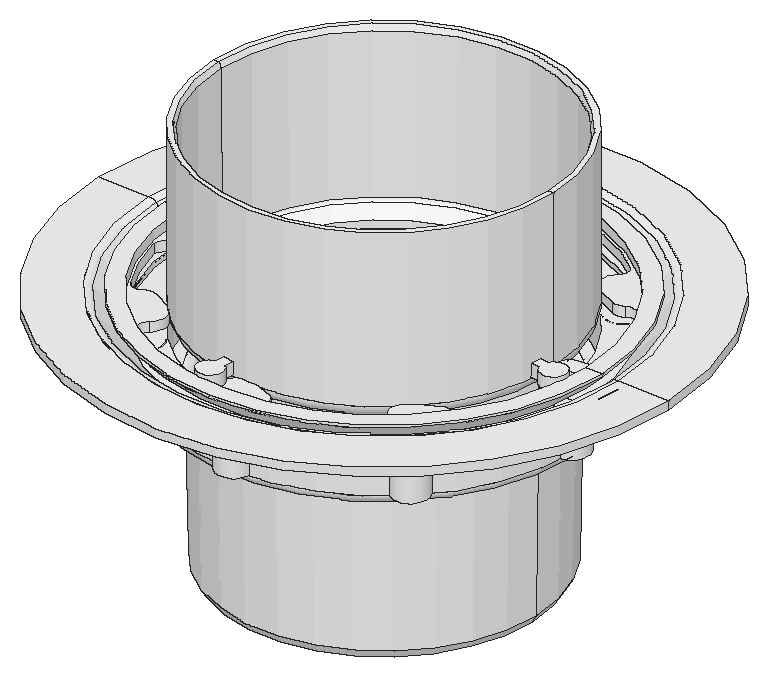
Revit family "3000.121 Down Pipe Junction", category Plumbing Fixtures, Revit 2016
Family settings
  Part Type = Normal
  Round Connector Dimension = Use Diameter
  OmniClass Number = 23.13.41.39
  OmniClass Title = Roof Drains
  Work Plane-Based = No
  Always vertical = Yes
  Cut with Voids When Loaded = No
  Shared = No
  Room Calculation Point = No
Parameters (values of type "150x150")
  Waste Connection = yes
  Vent Connection = no
  URL = "www.aquaknight.co.nz"
  Phone = "+6498322214"  # constant formula
  Model = "3000.121"
  Manufacturer = "Aquanight Industries Ltd"  # constant formula
  HW Connection = no
  Email = "info@aquaknight.co.nz"  # constant formula
  Description = "DownPipe Junction 150xDWV150 vented"
  Connector Diameter = 150 mm
  CW Connection = no
Reference planes
  plane 1 "Center (Front/Back)": y = 0
  plane 2: z = 0
  plane 3 "Center (Left/Right)": x = 0
  plane 4: z = -77.343
Forms (mm)
  Revolve 1, solid, material "Plastic, Glossy White"
    sketch origin (0, 0, -4) x (1, 0, 0) y (0, 0, 1)
      loop
        line (111.835, 2.536) -> (99.3, -10) -> (99.3, -12.5) -> (83.851, -12.5) -> (83.851, -34.343) -> (77.936, -34.343)
        arc (77.936, -34.343) -> (74.431, -35.777) -> (72.936, -39.257) r 5
        line (72.936, -39.257) -> (71.6, -116.8) -> (73.1, -116.8) -> (75.1, -113.336) -> (76.35, -40.8)
        arc (76.35, -40.8) -> (77.097, -39.06) -> (78.85, -38.343) r 2.5
        line (78.85, -38.343) -> (89.925, -38.343)
        arc (89.925, -38.343) -> (92.753, -37.171) -> (93.925, -34.343) r 4
        line (93.925, -34.343) -> (93.925, -22.162)
        arc (93.925, -22.162) -> (94.705, -20.28) -> (96.587, -19.5) r 2.662
        line (96.587, -19.5) -> (99.305, -19.5)
        arc (99.305, -19.5) -> (102.13, -18.327) -> (103.3, -15.5) r 4
        line (103.3, -15.5) -> (103.3, -11.657) -> (114.664, -0.293)
        arc (114.664, -0.293) -> (114.988, -0.076) -> (115.371, 0) r 1
        line (115.371, 0) -> (140, 0) -> (140, 4) -> (115.371, 4)
        arc (115.371, 4) -> (113.458, 3.619) -> (111.835, 2.536) r 5
      axis (0, 4) -> (0, -116.8)
    angle from 0 to 360
  Extrusion 2, solid, material "Plastic, Glossy White", detail levels fine
    sketch origin (0, 0, -4) x (1, 0, 0) y (0, 1, 0)
      loop
        circle (92.211, 0) r 8.2
      loop
        circle (-92.211, 0) r 8.2
      loop
        circle (0, 92.211) r 8.2
      loop
        circle (0, -92.211) r 8.2
      loop
        circle (65.203, 65.203) r 8.2
      loop
        circle (-65.203, -65.203) r 8.2
      loop
        circle (-65.203, 65.203) r 8.2
      loop
        circle (65.203, -65.203) r 8.2
    from -34.343 to -12.5
  Revolve 3, solid, material "Plastic, Glossy White"
    sketch origin (0, 0, 0) x (1, 0, 0) y (0, 0, 1)
      loop
        line (83.439, 71.459) -> (80.958, 71.459) -> (79.954, 68.699) -> (79.637, -3.961)
        arc (79.637, -3.961) -> (79.369, -4.948) -> (78.644, -5.671) r 1.985
        line (78.644, -5.671) -> (71.45, -9.825) -> (71.45, -13.298) -> (79.79, -10.262)
        arc (79.79, -10.262) -> (82.436, -8.232) -> (83.439, -5.051) r 5.546
        line (83.439, -5.051) -> (83.439, 71.459)
      axis (0, -13.298) -> (0, 71.459)
    angle from 0 to 360
  Extrusion 4, void
    sketch origin (0, 0, 0) x (0, 1, 0) y (-1, 0, 0)
      loop
        arc (58.627, -58.366) -> (64.778, -55.847) -> (70.735, -58.794) r 8.077
        arc (70.735, -58.794) -> (74.089, -60.564) -> (77.701, -59.407) r 4.895
        arc (77.701, -59.407) -> (88.49, -41.903) -> (95.311, -22.505) r 96.157
        arc (95.311, -22.505) -> (94.57, -18.597) -> (91.17, -16.53) r 4.895
        arc (91.17, -16.53) -> (88.463, -15.369) -> (86.771, -12.958) r 5.384
        line (86.771, -12.958) -> (83.174, -2.635)
        arc (83.174, -2.635) -> (82.823, -1.236) -> (82.727, 0.203) r 8.077
        arc (82.727, 0.203) -> (85.293, 6.333) -> (91.589, 8.463) r 8.077
        arc (91.589, 8.463) -> (95.675, 10.027) -> (96.879, 14.232) r 4.895
        arc (96.879, 14.232) -> (90.22, 38.064) -> (77.701, 59.407) r 96.157
        arc (77.701, 59.407) -> (74.089, 60.564) -> (70.735, 58.794) r 4.895
        arc (70.735, 58.794) -> (64.778, 55.847) -> (58.627, 58.366) r 8.077
        arc (58.627, 58.366) -> (57.677, 59.451) -> (56.936, 60.689) r 8.077
        line (56.936, 60.689) -> (52.178, 70.53)
        arc (52.178, 70.53) -> (51.669, 73.431) -> (52.762, 76.167) r 5.384
        arc (52.762, 76.167) -> (53.704, 80.032) -> (51.463, 83.32) r 4.895
        arc (51.463, 83.32) -> (32.934, 92.26) -> (12.9, 96.942) r 93.735
        arc (12.9, 96.942) -> (9.566, 95.19) -> (8.463, 91.589) r 4.895
        arc (8.463, 91.589) -> (6.333, 85.293) -> (0.203, 82.727) r 8.077
        arc (0.203, 82.727) -> (-1.236, 82.823) -> (-2.635, 83.174) r 8.077
        line (-2.635, 83.174) -> (-12.958, 86.771)
        arc (-12.958, 86.771) -> (-15.369, 88.463) -> (-16.53, 91.17) r 5.384
        arc (-16.53, 91.17) -> (-18.345, 94.383) -> (-21.888, 95.415) r 4.895
        arc (-21.888, 95.415) -> (-37.195, 90.637) -> (-51.463, 83.32) r 93.735
        arc (-51.463, 83.32) -> (-53.704, 80.032) -> (-52.762, 76.167) r 4.895
        arc (-52.762, 76.167) -> (-51.669, 73.431) -> (-52.178, 70.53) r 5.384
        line (-52.178, 70.53) -> (-56.936, 60.689)
        arc (-56.936, 60.689) -> (-57.677, 59.451) -> (-58.627, 58.366) r 8.077
        arc (-58.627, 58.366) -> (-64.778, 55.847) -> (-70.735, 58.794) r 8.077
        arc (-70.735, 58.794) -> (-74.089, 60.564) -> (-77.701, 59.407) r 4.895
        arc (-77.701, 59.407) -> (-90.303, 37.869) -> (-96.938, 13.814) r 96.157
        arc (-96.938, 13.814) -> (-95.528, 9.874) -> (-91.589, 8.463) r 4.895
        arc (-91.589, 8.463) -> (-85.293, 6.333) -> (-82.727, 0.203) r 8.077
        arc (-82.727, 0.203) -> (-82.823, -1.236) -> (-83.174, -2.635) r 8.077
        line (-83.174, -2.635) -> (-86.771, -12.958)
        arc (-86.771, -12.958) -> (-88.463, -15.369) -> (-91.17, -16.53) r 5.384
        arc (-91.17, -16.53) -> (-94.57, -18.597) -> (-95.311, -22.505) r 4.895
        arc (-95.311, -22.505) -> (-88.49, -41.903) -> (-77.701, -59.407) r 96.157
        arc (-77.701, -59.407) -> (-74.089, -60.564) -> (-70.735, -58.794) r 4.895
        arc (-70.735, -58.794) -> (-64.778, -55.847) -> (-58.627, -58.366) r 8.077
        arc (-58.627, -58.366) -> (-57.677, -59.451) -> (-56.936, -60.689) r 8.077
        line (-56.936, -60.689) -> (-52.178, -70.53)
        arc (-52.178, -70.53) -> (-51.669, -73.431) -> (-52.762, -76.167) r 5.384
        arc (-52.762, -76.167) -> (-53.704, -80.032) -> (-51.463, -83.32) r 4.895
        arc (-51.463, -83.32) -> (-37.195, -90.637) -> (-21.888, -95.415) r 93.735
        arc (-21.888, -95.415) -> (-18.345, -94.383) -> (-16.53, -91.17) r 4.895
        arc (-16.53, -91.17) -> (-15.369, -88.463) -> (-12.958, -86.771) r 5.384
        line (-12.958, -86.771) -> (-2.635, -83.174)
        arc (-2.635, -83.174) -> (-1.236, -82.823) -> (0.203, -82.727) r 8.077
        arc (0.203, -82.727) -> (6.333, -85.293) -> (8.463, -91.589) r 8.077
        arc (8.463, -91.589) -> (9.566, -95.19) -> (12.9, -96.942) r 4.895
        arc (12.9, -96.942) -> (32.934, -92.26) -> (51.463, -83.32) r 93.735
        arc (51.463, -83.32) -> (53.704, -80.032) -> (52.762, -76.167) r 4.895
        arc (52.762, -76.167) -> (51.669, -73.431) -> (52.178, -70.53) r 5.384
        line (52.178, -70.53) -> (56.936, -60.689)
        arc (56.936, -60.689) -> (57.677, -59.451) -> (58.627, -58.366) r 8.077
      loop
        circle (0, 0) r 40.749
    from -9.825 to 38.279
  Revolve 5, solid, material "Plastic, Glossy White", detail levels medium+fine
    sketch origin (0, 0, 0) x (1, 0, 0) y (0, 0, 1)
      loop
        line (72.435, -8.574) -> (99.732, -8.574) -> (107.519, -0.787) -> (107.519, 0.357) -> (99.459, 0.357) -> (99.459, -4.132) -> (72.436, -4.132) -> (72.435, -8.574)
      axis (0, 0.357) -> (0, -8.574)
    angle from 0 to 360
  Extrusion 6, solid, material "Plastic, Glossy White", detail levels fine
    sketch origin (0, 0, 0) x (0, 1, 0) y (-1, 0, 0)
      loop
        arc (13.185, 86.918) -> (12.09, 98.497) -> (8.227, 87.526) r 5.954
        line (8.227, 87.526) -> (7.682, 83.085)
        arc (7.682, 83.085) -> (10.165, 82.818) -> (12.639, 82.476) r 83.439
        line (12.639, 82.476) -> (13.185, 86.918)
      loop
        arc (-86.918, 13.185) -> (-98.497, 12.09) -> (-87.526, 8.227) r 5.954
        line (-87.526, 8.227) -> (-83.085, 7.682)
        arc (-83.085, 7.682) -> (-82.818, 10.165) -> (-82.476, 12.639) r 83.439
        line (-82.476, 12.639) -> (-86.918, 13.185)
      loop
        arc (-13.185, -86.918) -> (-12.09, -98.497) -> (-8.227, -87.526) r 5.954
        line (-8.227, -87.526) -> (-7.682, -83.085)
        arc (-7.682, -83.085) -> (-10.165, -82.818) -> (-12.639, -82.476) r 83.439
        line (-12.639, -82.476) -> (-13.185, -86.918)
      loop
        arc (86.918, -13.185) -> (98.497, -12.09) -> (87.526, -8.227) r 5.954
        line (87.526, -8.227) -> (83.085, -7.682)
        arc (83.085, -7.682) -> (82.818, -10.165) -> (82.476, -12.639) r 83.439
        line (82.476, -12.639) -> (86.918, -13.185)
    from -4 to 1.873
Cuts and joins
  Extrusion 4 cuts Revolve 5
Lines and regions (mm)
  model lines, detail levels fine
    curve 1: circle (-107, 0, 0) r 4.5 normal (0, 0, 1)
    curve 2: circle (-92.985, 92.985, 0) r 4.25 normal (0, 0, 1)
    curve 3: circle (0, 131.5, 0) r 4.25 normal (0, 0, 1)
    curve 4: circle (92.985, 92.985, 0) r 4.25 normal (0, 0, 1)
    curve 5: circle (131.5, 0, 0) r 4.25 normal (0, 0, 1)
    curve 6: circle (-131.5, 0, 0) r 4.25 normal (0, 0, 1)
    curve 7: circle (-92.985, -92.985, 0) r 4.25 normal (0, 0, 1)
    curve 8: circle (0, -131.5, 0) r 4.25 normal (0, 0, 1)
    curve 9: circle (92.985, -92.985, 0) r 4.25 normal (0, 0, 1)
Dimensions and locks
  locked: connector elem to plane 1 "Center (Front/Back)" at 0
  locked: connector elem to plane 3 "Center (Left/Right)" at 0
  aligned and locked: level to plane 2
  aligned and locked: plane 3 "Center (Left/Right)" to Revolve 3 sketch curve
  aligned and locked: Revolve 5 sketch curve to plane 3 "Center (Left/Right)"
Connectors
  piping at (0, 0, -77.343), diameter 150, driven by "Connector Diameter"
    settings: on plane 4, index 1, connector inside diameter 609.6 mm, connector length 0 mm, flow factor 0, pipe flow 0.0 L/s, pressure drop 0.0 Pa, fitting loss kfactor 0, connector angle 0.00°, fixture units 0, engagement length 0 mm, angle of deflection 0.00°, flow configuration 0, flow direction 0, fitting loss method 0, system type 28, joint type 0, gender type 0, connector reference index -1, connector utility 0, adjustable connector no, is connector primary yes, connector description ""
